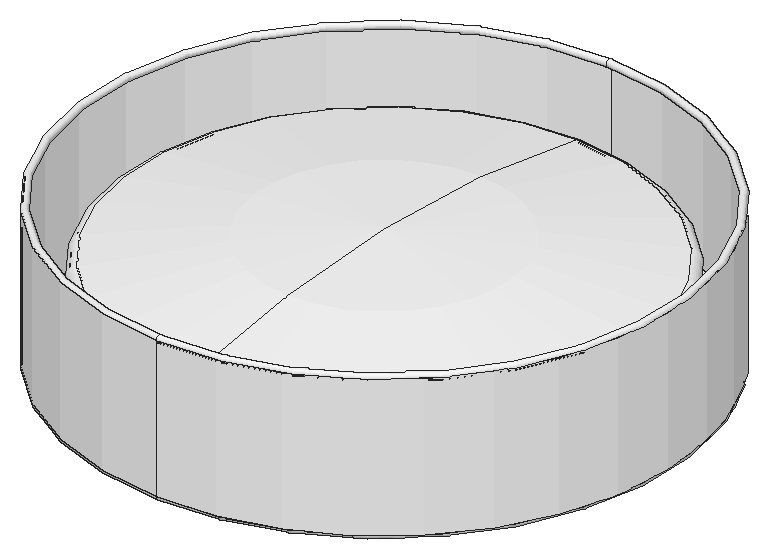
Revit family "AFX-Ally-LED_Ceiling-1", category Lighting Fixtures, host Face, Revit 2021
Family settings
  Host = Face
  Round Connector Dimension = Use Diameter
  Part Type = Normal
  Cut with Voids When Loaded = No
  Light Source = Yes
  Shared = No
  Room Calculation Point = No
Parameters (values of type "ALYF16LAJD1WH-2700K")
  Wattage Comments = "15W"
  Wattage = 9.2903 W
  built-in parameter 1150110 = 1 (stored number, unit not read)
  Voltage = 120 V
  URL = "https://www.afxinc.com/"
  Type Comments = "Ally"  # constant formula
  built-in parameter 1114217 = 1 (stored number, unit not read)
  Tilt Angle = 90.00°
  built-in parameter 1150109 = 1 (stored number, unit not read)
  built-in parameter 1150134 = 3
  Sustainability = "https://lamprecycle.org/en/"
  built-in parameter 1150113 = 1 (stored number, unit not read)
  Screen Finish = AFX - White Steel
  Revit File Built By = "https://servex-us.com/servex-revit/"
  Product Documentation Link = "https://www.afxinc.com/products/productDetail.cfm?productID=1901"
  Photometric Web File = "ALYF16LAJDIWH_ 2700K IES.IES"
  Model = "ALYF16LAJD1WH-2700K"
  Manufacturer = "AFX Inc"  # constant formula
  built-in parameter 1150105 = 109.82 (stored number, unit not read)
  Lumens = 1380 lm
  built-in parameter 1150115 = 1 (stored number, unit not read)
  built-in parameter 1150137 = (empty or 0)
  built-in parameter 1150139 = (empty or 0)
  built-in parameter 1150112 = 1 (stored number, unit not read)
  built-in parameter 1150114 = 1 (stored number, unit not read)
  Lamp = ""
  Keynote = "12500"  # constant formula
  built-in parameter 1150132 = (empty or 0)
  built-in parameter 1150102 = (empty or 0)
  built-in parameter 1150107 = 3200 (stored number, unit not read)
  built-in parameter 1150138 = (empty or 0)
  built-in parameter 1150106 = 1.0982 (stored number, unit not read)
  Emit from Circle Diameter = Diameter - 4"  # 12"
  Emit Shape Visible in Rendering = no
  built-in parameter 1150104 = 13.8 (stored number, unit not read)
  Dimming Lamp Color Temperature Shift = <None>
  Diffuser Finish = AFX - White Acrylic
  Diameter = 16"
  Description = "LED Ceiling - CCT 2700K - 16\"Dia x 4\"D"
  Depth = 4"
  Default Elevation = 48"
  Colour Rendering Index = "90"
  Color Filter = 16777215
  Body Finish = AFX - White Steel
  built-in parameter 1114218 = 1 (stored number, unit not read)
  built-in parameter 1150133 = 10 (stored number, unit not read)
  Assembly Code = "D5020200"
  Apparent Load = 0 VA
Types (6): name | Photometric Web File | Model | Description
  (no name) | "ALYF16LAJDIWH_ 2700K IES.IES" | "ALYF16LAJD1WH-2700K" | "LED Ceiling - CCT 2700K - 16\"Dia x 4\"D"
  ALYF16LAJD1WH-2700K | "ALYF16LAJDIWH_ 2700K IES.IES" | "ALYF16LAJD1WH-2700K" | "LED Ceiling - CCT 2700K - 16\"Dia x 4\"D"
  ALYF16LAJD1WH-3500K | "ALYF16LAJDIWH_ 3500K IES.IES" | "ALYF16LAJD1WH-3500K" | "LED Ceiling - CCT 3500K - 16\"Dia x 4\"D"
  ALYF16LAJD1WH-3000K | "ALYF16LAJDIWH_ 3000K IES.IES" | "ALYF16LAJD1WH-3000K" | "LED Ceiling - CCT 3000K - 16\"Dia x 4\"D"
  ALYF16LAJD1WH-4000K | "ALYF16LAJDIWH_ 4000K IES.IES" | "ALYF16LAJD1WH-4000K" | "LED Ceiling - CCT 4000K - 16\"Dia x 4\"D"
  ALYF16LAJD1WH-5000K | "ALYF16LAJDIWH_ 5000K IES.IES" | "ALYF16LAJD1WH-5000K" | "LED Ceiling - CCT 4000K - 16\"Dia x 4\"D"
Reference planes (in)
  plane 1 "Center (Front/Back)": y = 0.13952
  plane 2: z = 0
  plane 3 "Center (Left/Right)": x = 0
  plane 4: y = 8.13952
  plane 5: y = -7.86048
  plane 6: x = 8
  plane 7: x = -8
  plane 8: z = 4.13075
  plane 9: z = 0.9536
Forms (in)
  Revolve 1, solid, material "AFX - White Steel" <- "Screen Finish"
    sketch origin (0, 0, 0) x (0, 1, 0) y (0, 0, 1)
      loop
        arc (8.13952, 4.0378) -> (7.96179, 4.07591) -> (8.10827, 3.96828) r 0.09295
        line (8.10827, 3.96828) -> (8.10827, 0.16247)
        arc (8.10827, 0.16247) -> (7.96179, 0.05484) -> (8.13952, 0.09295) r 0.09295
        line (8.13952, 0.09295) -> (8.13952, 4.0378)
      loop
        circle (6.1675, 0.09119) r 0.07813
      axis (0.13952, 4.0378) -> (0.13952, 0.09119)
    angle from 0 to 360
  Revolve 2, solid, material "AFX - White Steel" <- "Body Finish"
    sketch origin (0, 0, 0) x (0, 1, 0) y (0, 0, 1)
      loop
        line (6.43873, 0.9536) -> (6.39186, 0.9536) -> (6.39186, 0.27558) -> (0.13952, 0.27558) -> (0.13952, 0.2287) -> (6.43873, 0.2287) -> (6.43873, 0.9536)
      axis (0.13952, 0.9536) -> (0.13952, 0.2287)
    angle from 0 to 360
  Revolve 3, solid, material "AFX - White Acrylic" <- "Diffuser Finish"
    sketch origin (0, 0, 0) x (0, 1, 0) y (0, 0, 1)
      loop
        line (7.14845, 1.13142) -> (7.14845, 2.30006)
        arc (7.14845, 2.30006) -> (7.08022, 2.49374) -> (6.90565, 2.60188) r 0.309
        arc (6.90565, 2.60188) -> (3.54239, 3.15129) -> (0.13952, 3.33514) r 31.58376
        line (0.13952, 3.33514) -> (0.13952, 3.25701)
        arc (0.13952, 3.25701) -> (3.53398, 3.07362) -> (6.88892, 2.52557) r 31.50563
        arc (6.88892, 2.52557) -> (7.01935, 2.44477) -> (7.07033, 2.30006) r 0.23087
        line (7.07033, 2.30006) -> (7.07033, 1.13142)
        arc (7.07033, 1.13142) -> (7.04675, 1.0745) -> (6.98983, 1.05092) r 0.0805
        line (6.98983, 1.05092) -> (6.20484, 1.05092)
        arc (6.20484, 1.05092) -> (6.09246, 1.00437) -> (6.04591, 0.892) r 0.15892
        line (6.04591, 0.892) -> (6.04591, 0.40193) -> (6.12404, 0.40193) -> (6.12404, 0.892)
        arc (6.12404, 0.892) -> (6.1477, 0.94913) -> (6.20484, 0.97279) r 0.0808
        line (6.20484, 0.97279) -> (6.98983, 0.97279)
        arc (6.98983, 0.97279) -> (7.10199, 1.01925) -> (7.14845, 1.13142) r 0.15862
      axis (0.13952, 3.33514) -> (0.13952, 0.40193)
    angle from 0 to 360
Lines and regions (in)
  symbolic lines
    curve 1: circle (0, 0.13952, 0) r 8 normal (0, 0, 1)
    curve 2: circle (0, 0.13952, 0) r 7.81122 normal (0, 0, 1)
    curve 3: circle (0, 0.13952, 0) r 7.25 normal (0, 0, 1)
Dimensions and locks (in)
  equal spacing: plane 7, plane 3 "Center (Left/Right)", plane 6
  "Diameter": plane 7 to plane 6
  equal spacing: plane 4, plane 1 "Center (Front/Back)", plane 5
  "Diameter": plane 5 to plane 4
  locked: plane 8 to plane 2 at 4.13075
  locked: plane 4 to Revolve 1 sketch curve at 0.09295  (x2)
  locked: plane 4 to Revolve 1 sketch curve at 0.03125
  locked: plane 4 to Revolve 1 sketch curve at 1.97202
  locked: plane 9 to plane 2 at 0.9536
  aligned and locked: host face to plane 2
  aligned and locked: level to host face
  aligned and locked: imposter light to plane 3 "Center (Left/Right)"
  aligned and locked: Revolve 1 sketch curve to plane 1 "Center (Front/Back)"
  aligned and locked: Revolve 1 sketch curve to plane 4
  aligned and locked: imposter light to plane 9
Automatic sketch dimensions
  host sketch curve to host sketch curve = 96"  (x2)
  level to Revolve 1 sketch curve = 0.09119"
  level to Revolve 1 sketch curve = 0.09295"
  Revolve 1 sketch curve to plane 8 = 0.16247"
  Revolve 1 sketch curve to level = 6.36925"
  plane 8 to Revolve 1 sketch curve = 3 1/4"
  Revolve 2 sketch curve to plane 1 "Center (Front/Back)" = 0"  (x2)
  plane 4 to Revolve 2 sketch curve = 1.74766"
  Revolve 2 sketch curve to Revolve 2 sketch curve = 3/64"  (x2)
  Revolve 2 sketch curve to Revolve 2 sketch curve = 0.67803"
  Revolve 2 sketch curve to level = 3.36925"
  plane 8 to Revolve 2 sketch curve = 7 1/4"
  level to Revolve 2 sketch curve = 0.2287"
  Revolve 3 sketch curve to Revolve 3 sketch curve = 0"  (x9)
  Revolve 3 sketch curve to plane 1 "Center (Front/Back)" = 0"  (x2)
  level to Revolve 3 sketch curve = 0.40193"
  plane 4 to Revolve 3 sketch curve = 2.09361"
  Revolve 3 sketch curve to Revolve 3 sketch curve = 0.0808"
  plane 4 to Revolve 3 sketch curve = 1.30006"
  Revolve 3 sketch curve to Revolve 3 sketch curve = 0.78499"
  Revolve 3 sketch curve to Revolve 3 sketch curve = 0.23087"
  Revolve 3 sketch curve to Revolve 3 sketch curve = 0.49007"
  Revolve 3 sketch curve to Revolve 3 sketch curve = 1.16864"
  Revolve 3 sketch curve to level = 2.61925"
  Revolve 3 sketch curve to plane 8 = 0.87374"
  Revolve 3 sketch curve to Revolve 3 sketch curve = 5/64"
  plane 8 to Revolve 3 sketch curve = 2"
  curve 1 to curve 2 = 0"  (x2)
  curve 1 to curve 3 = 0"  (x2)
  curve 2 to curve 3 = 0"  (x2)
  plane 1 "Center (Front/Back)" to curve 2 = 0"
  curve 2 to plane 3 "Center (Left/Right)" = 0"
  radius of Revolve 1 sketch curve = 5/64"
  radius of curve 1 = 8"
  radius of curve 2 = 7.81122"
  radius of curve 3 = 7 1/4"
Connectors (in)
  electrical at (0, 0.13952, 0.40193), driven by "Apparent Load", driven by "Voltage"
    settings: on Revolve 3, index 1, voltage 120 V, apparent load 0 VA, apparent load phase1 0 VA, apparent load phase2 0 VA, apparent load phase3 0 VA, power factor 1, load classification "Lighting", number of poles 1, system type 31, power factor state 1, is connector primary yes, connector utility no, sub classification motor no, connector description ""
